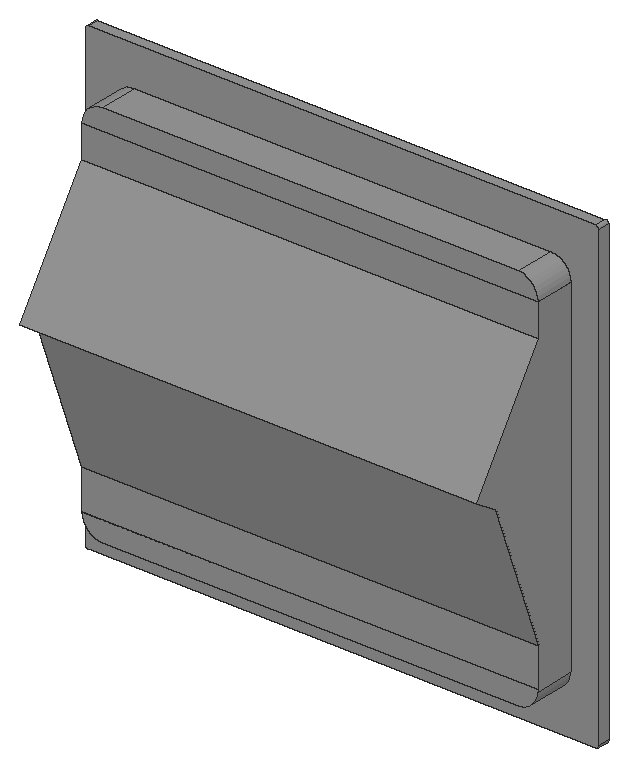
Revit family "L&L_LUCE&LIGHT_PASITO_1.1", category Lighting Fixtures, host Wall, Revit 2018 (continued)
Types (2, lengths in mm): name | built-in parameter 1150142 | Photometric Web File
    4 0.93 1.49 1.84 2.42 3.59 5.22 7.17 9.50 \r\n12.23 15.45 19.47 24.01 29.56 36.25 43.65 51.96 60.90 \r\n69.29 75.83 80.04 82.99 85.92 88.99 91.88 94.60 97.21 \r\n99.97 102.65 105.06 107.33 109.63 111.73 113.78 115.85 \r\n117.63 119.20 120.80 122.32 123.59 124.60 125.61 126.52 \r\n127.08 127.46 127.79 128.04 128.25 128.38 128.26 127.95 \r\n127.55 126.93 126.17 125.32 124.29 123.07 121.74 120.27 \r\n118.60 116.72 114.69 112.57 110.31 107.84 105.18 102.33 \r\n99.28 96.01 92.52 88.84 84.94 80.77 76.42 71.99 67.55 \r\n63.19 58.98 55.01 51.33 47.96 44.90 42.13 39.63 37.39 \r\n35.36 33.54 31.89 30.40 29.03 27.77 26.59 25.48 24.42 \r\n23.42 22.48 21.61 20.80 20.05 19.35 18.71 18.12 17.56 \r\n17.05 16.56 16.11 15.69 15.30 14.95 14.62 14.31 14.01 \r\n13.66 13.26 12.83 12.40 12.01 11.66 11.37 11.10 10.85 \r\n10.62 10.38 10.12 9.87 9.64 9.40 9.15 8.89 8.66 8.42 8.19 \r\n7.93 7.69 7.48 7.24 7.00 6.75 6.53 6.33 6.08 5.88 5.69 \r\n5.44 5.22 5.00 4.80 4.62 4.42 4.20 4.00 3.82 3.65 3.48 \r\n3.31 3.13 2.95 2.78 2.61 2.43 2.25 2.09 1.95 1.80 1.66 \r\n1.52 1.37 1.24 1.11 0.99 0.85 0.72 0.60 0.49 0.36 0.25 \r\n0.14 0.06 0.02 \r\n0.07 0.09 0.30 0.80 1.36 1.72 2.13 2.92 4.21 5.81 7.70 \r\n10.00 12.53 15.53 19.24 23.37 28.38 34.40 41.21 48.52 \r\n56.10 63.97 70.81 75.71 78.56 80.85 83.27 85.70 88.07 \r\n90.27 92.15 94.05 95.99 97.81 99.53 101.14 102.48 103.72 \r\n105.10 106.36 107.32 108.08 108.85 109.50 109.95 110.24 \r\n110.43 110.61 110.70 110.58 110.30 109.93 109.44 108.85 \r\n108.18 107.33 106.30 105.18 104.03 102.84 101.51 99.96 \r\n98.28 96.54 94.64 92.62 90.55 88.38 86.07 83.63 81.06 \r\n78.35 75.52 72.58 69.52 66.35 63.09 59.78 56.45 53.18 \r\n50.03 47.04 44.22 41.61 39.20 36.99 34.98 33.15 31.49 \r\n29.97 28.58 27.30 26.10 24.99 23.93 22.93 21.98 21.10 \r\n20.27 19.50 18.78 18.11 17.48 16.90 16.35 15.83 15.36 \r\n14.92 14.53 14.18 13.85 13.53 13.19 12.80 12.37 11.94 \r\n11.53 11.18 10.88 10.61 10.36 10.13 9.91 9.69 9.46 9.23 \r\n9.00 8.77 8.53 8.31 8.08 7.86 7.64 7.41 7.19 6.99 6.74 \r\n6.52 6.35 6.13 5.90 5.72 5.53 5.31 5.12 4.92 4.71 4.53 \r\n4.35 4.16 3.98 3.81 3.66 3.50 3.33 3.15 2.98 2.82 2.68 \r\n2.52 2.34 2.19 2.05 1.91 1.77 1.64 1.50 1.37 1.25 1.13 \r\n1.02 0.90 0.78 0.67 0.56 0.45 0.34 0.23 0.13 0.06 0.02 \r\n0.07 0.09 0.25 0.67 1.20 1.59 1.88 2.36 3.27 4.50 5.94 \r\n7.70 9.84 12.15 14.73 17.97 21.67 25.80 30.74 36.59 43.05 \r\n49.70 56.54 63.15 68.57 72.49 75.02 76.81 78.62 80.45 \r\n82.12 83.67 85.07 86.40 87.68 88.81 89.79 90.69 91.59 \r\n92.41 92.98 93.43 93.85 94.14 94.29 94.39 94.44 94.38 \r\n94.19 93.86 93.40 92.85 92.26 91.59 90.83 89.96 89.01 \r\n88.01 86.94 85.70 84.35 82.93 81.48 79.98 78.42 76.81 \r\n75.14 73.38 71.52 69.58 67.59 65.56 63.50 61.37 59.18 \r\n56.93 54.60 52.22 49.81 47.39 45.00 42.66 40.40 38.24 \r\n36.21 34.30 32.52 30.87 29.35 27.95 26.65 25.46 24.35 \r\n23.30 22.31 21.36 20.45 19.59 18.78 18.03 17.32 16.66 \r\n16.04 15.47 14.93 14.44 13.99 13.58 13.20 12.84 12.48 \r\n12.09 11.69 11.27 10.86 10.51 10.22 9.97 9.73 9.50 9.30 \r\n9.11 8.90 8.67 8.45 8.23 8.02 7.80 7.59 7.39 7.17 6.97 \r\n6.78 6.59 6.39 6.18 5.99 5.81 5.63 5.44 5.25 5.07 4.89 \r\n4.70 4.52 4.36 4.20 4.03 3.85 3.70 3.56 3.41 3.25 3.08 \r\n2.93 2.80 2.66 2.51 2.35 2.21 2.09 1.96 1.83 1.70 1.58 \r\n1.46 1.33 1.22 1.12 1.01 0.91 0.80 0.70 0.61 0.51 0.41 \r\n0.31 0.21 0.12 0.05 0.02 \r\n0.07 0.09 0.20 0.54 1.00 1.43 1.70 1.95 2.49 3.34 4.40 \r\n5.63 7.15 9.00 11.06 13.24 15.82 18.87 22.22 25.93 30.28 \r\n35.32 40.82 46.65 52.85 58.66 63.48 67.04 69.59 71.29 \r\n72.49 73.64 74.82 75.87 76.73 77.45 78.13 78.77 79.29 \r\n79.70 80.08 80.39 80.56 80.61 80.58 80.47 80.32 80.10 \r\n79.77 79.30 78.73 78.11 77.45 76.76 75.99 75.14 74.19 \r\n73.24 72.27 71.26 70.18 69.03 67.82 66.60 65.33 64.00 \r\n62.63 61.24 59.84 58.42 56.94 55.41 53.83 52.21 50.57 \r\n48.90 47.20 45.48 43.72 41.93 40.12 38.32 36.55 34.81 \r\n33.14 31.52 29.99 28.53 27.16 25.88 24.67 23.55 22.50 \r\n21.51 20.56 19.64 18.76 17.91 17.11 16.36 15.66 15.01 \r\n14.40 13.84 13.31 12.83 12.38 11.97 11.58 11.20 10.81 \r\n10.41 10.03 9.68 9.38 9.13 8.91 8.70 8.52 8.34 8.13 7.91 \r\n7.71 7.53 7.34 7.15 6.96 6.78 6.58 6.39 6.21 6.04 5.88 \r\n5.71 5.54 5.37 5.21 5.04 4.86 4.69 4.53 4.37 4.23 4.08 \r\n3.93 3.78 3.63 3.50 3.37 3.24 3.10 2.97 2.83 2.70 2.56 \r\n2.42 2.29 2.17 2.05 1.94 1.83 1.71 1.61 1.50 1.38 1.27 \r\n1.17 1.07 0.98 0.89 0.79 0.70 0.62 0.54 0.46 0.36 0.27 \r\n0.19 0.11 0.05 0.02 \r\n0.07 0.09 0.15 0.40 0.79 1.21 1.53 1.73 1.93 2.38 3.10 \r\n3.95 4.92 6.12 7.58 9.26 11.07 13.06 15.34 17.90 20.66 \r\n23.65 27.05 30.98 35.29 39.92 44.97 50.20 54.97 58.85 \r\n61.82 63.95 65.28 66.07 66.70 67.34 67.92 68.35 68.65 \r\n68.86 69.03 69.17 69.19 69.06 68.90 68.71 68.45 68.12 \r\n67.71 67.25 66.73 66.13 65.48 64.81 64.14 63.40 62.59 \r\n61.73 60.85 59.94 59.01 58.05 57.09 56.10 55.10 54.06 \r\n52.99 51.89 50.77 49.64 48.50 47.33 46.12 44.90 43.64 \r\n42.37 41.09 39.78 38.46 37.11 35.75 34.37 32.98 31.59 \r\n30.20 28.84 27.51 26.23 24.99 23.82 22.69 21.63 20.62 \r\n19.65 18.72 17.82 16.94 16.10 15.29 14.52 13.80 13.12 \r\n12.50 11.94 11.43 10.97 10.52 10.09 9.67 9.27 8.89 8.55 \r\n8.27 8.05 7.87 7.71 7.55 7.38 7.20 7.03 6.86 6.67 6.49 \r\n6.33 6.18 6.01 5.84 5.68 5.52 5.37 5.23 5.10 4.96 4.80 \r\n4.64 4.50 4.36 4.23 4.09 3.95 3.81 3.69 3.56 3.44 3.32 \r\n3.21 3.10 2.98 2.86 2.75 2.63 2.52 2.39 2.27 2.16 2.05 \r\n1.95 1.86 1.76 1.66 1.56 1.46 1.36 1.26 1.17 1.09 1.00 \r\n0.92 0.84 0.75 0.68 0.61 0.54 0.47 0.40 0.32 0.24 0.16 \r\n0.09 0.05 0.02 \r\n0.07 0.08 0.13 0.30 0.58 0.92 1.25 1.52 1.69 1.84 2.11 \r\n2.59 3.24 3.98 4.86 5.89 7.07 8.35 9.74 11.33 13.15 15.15 \r\n17.27 19.49 22.04 24.97 28.23 31.67 35.16 38.95 43.02 \r\n47.07 50.68 53.52 55.72 57.33 58.24 58.71 58.99 59.27 \r\n59.51 59.63 59.59 59.42 59.18 58.91 58.61 58.28 57.89 \r\n57.44 56.96 56.44 55.85 55.24 54.61 53.99 53.33 52.62 \r\n51.88 51.14 50.41 49.67 48.91 48.09 47.23 46.36 45.50 \r\n44.63 43.76 42.87 41.95 41.01 40.06 39.11 38.15 37.17 \r\n36.18 35.16 34.12 33.06 31.98 30.89 29.77 28.64 27.49 \r\n26.35 25.20 24.06 22.93 21.83 20.75 19.71 18.70 17.72 \r\n16.76 15.82 14.91 14.03 13.18 12.39 11.66 10.99 10.36 \r\n9.78 9.23 8.73 8.26 7.84 7.49 7.20 6.97 6.80 6.66 6.53 \r\n6.39 6.25 6.09 5.93 5.78 5.64 5.51 5.38 5.24 5.10 4.97 \r\n4.84 4.73 4.61 4.49 4.36 4.23 4.11 3.99 3.87 3.76 3.65 \r\n3.54 3.43 3.33 3.23 3.13 3.03 2.92 2.81 2.71 2.62 2.52 \r\n2.42 2.32 2.22 2.13 2.04 1.95 1.87 1.78 1.69 1.61 1.52 \r\n1.44 1.36 1.27 1.19 1.12 1.05 0.98 0.90 0.83 0.75 0.68 \r\n0.62 0.57 0.51 0.46 0.39 0.33 0.27 0.20 0.14 0.08 0.04 \r\n0.02 \r\n0.07 0.08 0.12 0.19 0.39 0.63 0.89 1.16 1.40 1.61 1.70 \r\n1.81 1.98 2.34 2.84 3.40 4.06 4.83 5.66 6.54 7.48 8.51 \r\n9.76 11.19 12.71 14.24 15.79 17.47 19.48 21.65 24.09 \r\n26.69 29.50 32.53 35.61 38.60 41.40 43.92 46.09 47.84 \r\n49.02 49.76 49.99 50.04 49.93 49.83 49.56 49.28 48.87 \r\n48.51 48.10 47.69 47.22 46.71 46.21 45.68 45.17 44.60 \r\n44.02 43.42 42.79 42.16 41.54 40.91 40.28 39.64 38.95 \r\n38.26 37.56 36.84 36.11 35.39 34.66 33.90 33.12 32.32 \r\n31.52 30.71 29.88 29.03 28.16 27.28 26.38 25.46 24.51 \r\n23.53 22.53 21.50 20.45 19.41 18.36 17.33 16.31 15.31 \r\n14.31 13.32 12.35 11.41 10.50 9.66 8.87 8.16 7.52 6.96 \r\n6.49 6.13 5.85 5.66 5.51 5.39 5.28 5.17 5.06 4.94 4.82 \r\n4.71 4.60 4.50 4.40 4.30 4.20 4.11 4.01 3.91 3.81 3.71 \r\n3.61 3.52 3.42 3.33 3.24 3.16 3.08 3.00 2.92 2.83 2.75 \r\n2.66 2.58 2.51 2.43 2.35 2.26 2.18 2.10 2.02 1.95 1.88 \r\n1.81 1.74 1.67 1.60 1.53 1.46 1.39 1.32 1.25 1.19 1.13 \r\n1.07 1.01 0.95 0.89 0.82 0.76 0.70 0.65 0.60 0.55 0.50 \r\n0.46 0.41 0.36 0.32 0.27 0.22 0.17 0.11 0.07 0.04 0.02 \r\n0.07 0.08 0.10 0.15 0.22 0.37 0.53 0.72 0.90 1.11 1.32 \r\n1.50 1.64 1.71 1.79 1.89 2.06 2.32 2.65 3.09 3.57 4.12 \r\n4.70 5.33 6.00 6.75 7.57 8.55 9.55 10.63 11.71 12.90 \r\n14.20 15.61 17.09 18.54 19.99 21.40 22.87 24.28 25.58 \r\n26.72 27.52 28.13 28.50 28.67 28.74 28.69 28.54 28.33 \r\n28.09 27.86 27.66 27.43 27.21 27.00 26.77 26.57 26.42 \r\n26.28 26.14 25.97 25.77 25.53 25.25 24.96 24.66 24.35 \r\n24.04 23.73 23.41 23.07 22.71 22.32 21.92 21.49 21.05 \r\n20.59 20.11 19.60 19.08 18.52 17.94 17.34 16.72 16.08 \r\n15.42 14.75 14.07 13.38 12.69 11.98 11.27 10.55 9.81 9.05 \r\n8.28 7.52 6.78 6.08 5.47 4.94 4.51 4.17 3.93 3.82 3.77 \r\n3.72 3.66 3.61 3.55 3.49 3.44 3.39 3.33 3.27 3.20 3.14 \r\n3.07 3.01 2.95 2.89 2.82 2.76 2.70 2.63 2.57 2.52 2.46 \r\n2.40 2.34 2.28 2.22 2.15 2.09 2.03 1.97 1.91 1.86 1.80 \r\n1.75 1.70 1.64 1.59 1.54 1.48 1.43 1.38 1.32 1.27 1.22 \r\n1.17 1.12 1.07 1.02 0.97 0.92 0.88 0.83 0.78 0.74 0.69 \r\n0.65 0.61 0.57 0.54 0.49 0.45 0.42 0.38 0.34 0.31 0.27 \r\n0.24 0.21 0.17 0.13 0.09 0.06 0.04 0.02 \r\n0.07 0.08 0.09 0.11 0.15 0.20 0.25 0.33 0.41 0.49 0.61 \r\n0.73 0.88 1.03 1.19 1.33 1.45 1.57 1.66 1.71 1.75 1.80 \r\n1.88 1.98 2.13 2.36 2.60 2.87 3.22 3.59 3.99 4.46 4.96 \r\n5.47 6.01 6.55 7.08 7.59 8.11 8.58 8.98 9.32 9.61 9.84 \r\n10.01 10.14 10.25 10.31 10.32 10.30 10.28 10.26 10.25 \r\n10.27 10.32 10.37 10.42 10.45 10.46 10.47 10.47 10.47 \r\n10.46 10.45 10.44 10.44 10.42 10.41 10.39 10.36 10.32 \r\n10.27 10.19 10.09 9.97 9.83 9.68 9.51 9.33 9.13 8.91 8.68 \r\n8.43 8.17 7.91 7.64 7.38 7.12 6.86 6.59 6.30 6.00 5.68 \r\n5.34 4.96 4.56 4.12 3.68 3.27 2.91 2.64 2.50 2.40 2.34 \r\n2.30 2.27 2.24 2.21 2.18 2.15 2.12 2.09 2.06 2.03 2.01 \r\n1.98 1.95 1.92 1.89 1.86 1.83 1.79 1.76 1.72 1.69 1.66 \r\n1.63 1.60 1.56 1.53 1.50 1.46 1.42 1.38 1.34 1.31 1.27 \r\n1.23 1.20 1.17 1.13 1.10 1.07 1.03 1.00 0.96 0.93 0.89 \r\n0.86 0.83 0.80 0.77 0.73 0.70 0.67 0.64 0.61 0.58 0.55 \r\n0.52 0.49 0.46 0.44 0.41 0.38 0.35 0.32 0.29 0.27 0.24 \r\n0.22 0.20 0.18 0.16 0.14 0.12 0.10 0.07 0.05 0.03 0.02 \r\n0.07 0.07 0.08 0.09 0.10 0.11 0.12 0.14 0.15 0.16 0.17 \r\n0.18 0.21 0.25 0.30 0.35 0.39 0.43 0.47 0.53 0.60 0.66 \r\n0.73 0.80 0.87 0.94 1.00 1.05 1.11 1.18 1.24 1.30 1.35 \r\n1.40 1.45 1.49 1.53 1.58 1.62 1.66 1.70 1.73 1.74 1.76 \r\n1.76 1.77 1.78 1.78 1.78 1.78 1.78 1.80 1.83 1.85 1.89 \r\n1.93 1.97 2.00 2.03 2.05 2.07 2.08 2.08 2.08 2.07 2.06 \r\n2.07 2.07 2.08 2.09 2.09 2.09 2.08 2.07 2.06 2.04 2.04 \r\n2.02 2.00 1.98 1.96 1.94 1.91 1.87 1.84 1.80 1.76 1.72 \r\n1.68 1.64 1.60 1.56 1.52 1.49 1.46 1.43 1.41 1.38 1.36 \r\n1.34 1.32 1.30 1.28 1.25 1.23 1.21 1.19 1.17 1.14 1.12 \r\n1.10 1.08 1.06 1.04 1.02 1.00 0.98 0.96 0.95 0.93 0.92 \r\n0.90 0.88 0.87 0.85 0.83 0.81 0.80 0.78 0.77 0.75 0.73 \r\n0.72 0.69 0.67 0.66 0.64 0.63 0.61 0.60 0.58 0.57 0.55 \r\n0.53 0.51 0.49 0.48 0.46 0.44 0.43 0.41 0.40 0.38 0.36 \r\n0.35 0.33 0.31 0.30 0.28 0.27 0.25 0.24 0.22 0.21 0.19 \r\n0.18 0.17 0.15 0.14 0.13 0.12 0.11 0.10 0.10 0.09 0.08 \r\n0.07 0.05 0.04 0.03 0.02 \r\n0.07 0.07 0.07 0.07 0.07 0.07 0.07 0.07 0.07 0.07 0.07 \r\n0.07 0.07 0.07 0.08 0.08 0.08 0.08 0.08 0.09 0.09 0.09 \r\n0.09 0.09 0.10 0.10 0.10 0.10 0.11 0.11 0.11 0.11 0.11 \r\n0.12 0.12 0.12 0.12 0.13 0.13 0.13 0.13 0.14 0.14 0.14 \r\n0.14 0.15 0.15 0.15 0.15 0.15 0.16 0.16 0.16 0.16 0.17 \r\n0.17 0.17 0.17 0.17 0.17 0.18 0.18 0.18 0.18 0.18 0.18 \r\n0.19 0.19 0.19 0.19 0.19 0.19 0.19 0.19 0.20 0.20 0.20 \r\n0.20 0.20 0.20 0.20 0.20 0.21 0.21 0.21 0.21 0.21 0.21 \r\n0.21 0.21 0.22 0.22 0.22 0.22 0.22 0.22 0.22 0.22 0.22 \r\n0.22 0.22 0.22 0.22 0.22 0.22 0.22 0.22 0.22 0.22 0.21 \r\n0.21 0.21 0.21 0.21 0.21 0.20 0.20 0.20 0.20 0.19 0.19 \r\n0.19 0.19 0.18 0.18 0.18 0.18 0.18 0.17 0.17 0.17 0.17 \r\n0.16 0.16 0.16 0.15 0.15 0.15 0.14 0.14 0.14 0.13 0.13 \r\n0.13 0.12 0.12 0.11 0.11 0.11 0.10 0.10 0.09 0.09 0.09 \r\n0.08 0.08 0.08 0.07 0.07 0.07 0.06 0.06 0.06 0.06 0.05 \r\n0.05 0.05 0.05 0.04 0.04 0.04 0.04 0.04 0.04 0.04 0.04 \r\n0.04 0.03 0.03 0.02 0.02 \r\n" | "PASITO 1.1 BE 60° [2700K 8.5W 24Vdc] white.IES"
